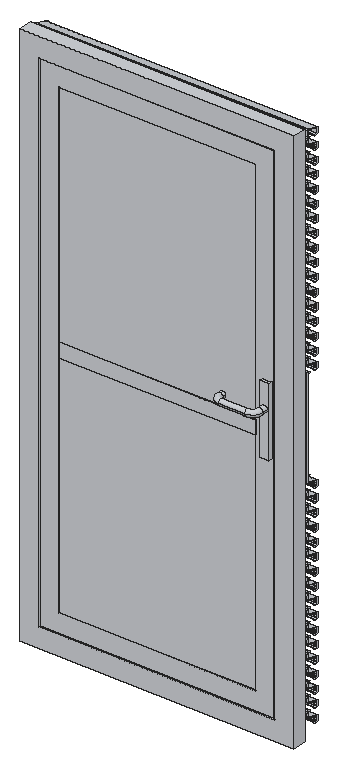
Revit family "NLRS_31_DO_WB_HJ44 enkele deur-AV_jazo_jazo", category Doors, host Wall, Revit 2020
Family settings
  Host = Wall
  OmniClass Number = 23.30.10.00
  OmniClass Title = Doors
  Always vertical = Yes
  Cut with Voids When Loaded = No
  Shared = No
  Room Calculation Point = No
Parameters (values of type "TYPE CATALOG")
  URL = "www.jazo.com"
  Thickness = if(JAZO_C_forster presto kozijn, 50 mm, if(JAZO_C_aluminium kozijn, 60 mm, 50 mm))  # 50 mm
  Rough Width = NLRS_C_breedte_01  # 1010 mm
  Rough Height = NLRS_C_hoogte_01  # 2010 mm
  Operation = ""
  Negge = 61 mm
  NLRS_C_zelfsluitend = no
  NLRS_C_weerstandsklasse = "Voor specificaties of mogelijkheden, neem contact op."  # constant formula
  NLRS_C_vluchtroute = "Voor specificaties of mogelijkheden, neem contact op."  # constant formula
  NLRS_C_stelruimte = if(NLRS_C_brandwerend, 10 mm, 5 mm)  # 5 mm
  NLRS_C_rookwerendheid = "Voor specificaties of mogelijkheden, neem contact op."  # constant formula
  NLRS_C_offset_02 = if(JAZO_C_calculatie_03 < 0 mm, JAZO_C_calculatie_03 - ((NLRS_C_aantal_02 - 13) * 48 mm), NLRS_C_offset_01)  # 37.4 mm
  NLRS_C_offset_01 = if(JAZO_C_calculatie_03 > 0 mm, JAZO_C_calculatie_03 - ((NLRS_C_aantal_01 - 2) * 48 mm), 0 mm)  # 0 mm
  NLRS_C_offset = Negge  # 61 mm
  NLRS_C_merk = "Voor specificaties of mogelijkheden, neem contact op."  # constant formula
  NLRS_C_leverancier_url = "www.jazo.com"  # constant formula
  NLRS_C_leverancier_telefoonnummer = "+31 316 - 59 29 11"  # constant formula
  NLRS_C_leverancier_postcode = "6905 DJ"  # constant formula
  NLRS_C_leverancier_plaats = "Zevenaar"  # constant formula
  NLRS_C_leverancier_email = "info@jazo.com"  # constant formula
  NLRS_C_leverancier_bedrijfsnaam = "JAZO Zevenaar bv"  # constant formula
  NLRS_C_leverancier_adres = "Handelsdwarsstraat 10"  # constant formula
  NLRS_C_lengte_02 = if(JAZO_C_calculatie_02 < (13 * 48 mm), JAZO_C_calculatie_02, (13 * 48 mm))  # 565.4 mm
  NLRS_C_lengte_01 = if(JAZO_C_calculatie_01 > (2 * 48 mm), JAZO_C_calculatie_01, (2 * 48 mm))  # 96 mm
  NLRS_C_inbraakwerend = no
  NLRS_C_hoogte_min = if(JAZO_C_forster presto kozijn, if(and(NLRS_C_brandwerend, NLRS_C_inbraakwerend), 2050 mm, if(NLRS_C_inbraakwerend, 2050 mm, if(NLRS_C_brandwerend, 2000 mm, 1850 mm))), if(JAZO_C_aluminium kozijn, 1850 mm, 1850 mm))  # 1850 mm
  NLRS_C_hoogte_max = if(JAZO_C_forster presto kozijn, if(NLRS_C_inbraakwerend, 2640 mm, 3000 mm), if(JAZO_C_aluminium kozijn, if(NLRS_C_inbraakwerend, 2645 mm, 3200 mm), 2000 mm))  # 3000 mm
  NLRS_C_hoogte_01 = NLRS_C_hoogte + (NLRS_C_stelruimte * 2)  # 2010 mm
  NLRS_C_hoogte = if(Height < NLRS_C_hoogte_min, NLRS_C_hoogte_min, if(Height > NLRS_C_hoogte_max, NLRS_C_hoogte_max, Height))  # 2000 mm
  NLRS_C_geluidwering Rw = "Voor specificaties of mogelijkheden, neem contact op."  # constant formula
  NLRS_C_diepte_02 = if(JAZO_C_forster presto kozijn, 50 mm, 30 mm)  # 50 mm
  NLRS_C_diepte_01 = if(JAZO_C_forster presto kozijn, 111 mm, 121 mm)  # 111 mm
  NLRS_C_diepte = Thickness  # 50 mm
  NLRS_C_content_versie = "2.5"  # constant formula
  NLRS_C_content_revit versie = "REVIT 2020.2"  # constant formula
  NLRS_C_content_provider = "JAZO Zevenaar bv"  # constant formula
  NLRS_C_content_datum uitgifte = "17-8-2022"  # constant formula
  NLRS_C_content_datum gewijzigd = "7-11-2022"  # constant formula
  NLRS_C_content_creator = "JAZO Zevenaar bv"  # constant formula
  NLRS_C_breedte_min = 850 mm  # constant formula
  NLRS_C_breedte_max = if(JAZO_C_forster presto kozijn, if(NLRS_C_inbraakwerend, 1440 mm, 1500 mm), if(JAZO_C_aluminium kozijn, if(NLRS_C_inbraakwerend, 1661 mm, 1400 mm), 1000 mm))  # 1500 mm
  NLRS_C_breedte_01 = NLRS_C_breedte + NLRS_C_stelruimte * 2  # 1010 mm
  NLRS_C_breedte = if(Width < NLRS_C_breedte_min, NLRS_C_breedte_min, if(Width > NLRS_C_breedte_max, NLRS_C_breedte_max, Width))  # 1000 mm
  NLRS_C_brandwerend = no
  NLRS_C_aantal_02 = if(NLRS_C_hoogte < 2064.4 mm, rounddown(JAZO_C_calculatie_02 / 48 mm), 13)  # 11
  NLRS_C_aantal_01 = if(NLRS_C_hoogte > 2064.4 mm, rounddown(JAZO_C_calculatie_01 / 48 mm), 2)  # 2
  Model = "HJ44 enkele deur"  # constant formula
  Manufacturer = "JAZO Zevenaar bv"  # constant formula
  MIN WIDTH = NLRS_C_breedte_min  # 850 mm
  MIN HEIGHT = NLRS_C_hoogte_min  # 1850 mm
  MAX WIDTH = NLRS_C_breedte_max  # 1500 mm
  MAX HEIGHT = NLRS_C_hoogte_max  # 3000 mm
  JAZO_C_ventilerend = no
  JAZO_C_paniekfunctie = no
  JAZO_C_opbouwrooster HJ44 = if(or(JAZO_C_aluminium kozijn, JAZO_C_forster presto kozijn), 1 < 2, 2 < 1)  # yes
  JAZO_C_niet ventilerend = yes
  JAZO_C_materiaal schoep = none
  JAZO_C_materiaal scharnier = none
  JAZO_C_materiaal forster presto sandwichpaneel = none
  JAZO_C_materiaal forster presto kozijn = none
  JAZO_C_materiaal forster presto deurprofiel = none
  JAZO_C_materiaal beslag = none
  JAZO_C_materiaal aluminium planken = none
  JAZO_C_materiaal aluminium kozijn = none
  JAZO_C_forster presto kozijn = yes
  JAZO_C_dagmaat hoogte = if(JAZO_C_forster presto kozijn, NLRS_C_hoogte - 70 mm - 70 mm, if(JAZO_C_aluminium kozijn, NLRS_C_hoogte - 52 mm - 52 mm, 0 mm))  # 1860 mm
  JAZO_C_dagmaat breedte = if(JAZO_C_forster presto kozijn, NLRS_C_breedte - 70 mm - 70 mm, if(JAZO_C_aluminium kozijn, NLRS_C_breedte - 52 mm - 52 mm, 0 mm))  # 860 mm
  JAZO_C_calculatie_03 = (NLRS_C_hoogte - JAZO_C_calculatie_01 - JAZO_C_calculatie_02 - 75.2 mm - 240 mm - 240 mm - 144 mm - 336 mm - 240 mm - 48 mm - 21.2 mm + 5.8 mm) * -1  # -58.6 mm
  JAZO_C_calculatie_02 = NLRS_C_hoogte - (2 mm * 48) - 75.2 mm - 240 mm - 240 mm - 144 mm - 336 mm - 240 mm - 48 mm - 21.2 mm + 5.8 mm  # 565.4 mm
  JAZO_C_calculatie_01 = NLRS_C_hoogte - (13 mm * 48) - 75.2 mm - 240 mm - 240 mm - 144 mm - 336 mm - 240 mm - 48 mm - 21.2 mm + 5.8 mm  # 37.4 mm
  JAZO_C_aluminium kozijn = no
  Function = Exterior
  Height = 2000 mm
  Wall Closure = By host
  Width = 1000 mm
  Description = "HJ44 enkele deur"  # constant formula
  Define Thermal Properties by = User Defined
  Construction Type = "Voor specificaties of mogelijkheden, neem contact op."  # constant formula
  Assembly Code = "23.30.10.00"
  Analytic Construction = "<None>"
Reference planes
  plane 1 "Center (Front/Back)": y = 0
  plane 2 "Center (Left/Right)": x = 0
  plane 3 "Left": x = -500
  plane 4 "Right": x = 500
  plane 5 "Top": z = 2005
  plane 6 "Exterior": y = 75
  plane 7 "Interior": y = -75
  plane 8 "stelruimte r": x = 505
  plane 9 "stelruimte l": x = -505
  plane 10 "stelruimte b": z = 2010
  plane 11 "stelruimte o": z = 5
  plane 12 "center kozijn": y = -11
  plane 13 "Center": z = 1005
  plane 14 "voorkant kozijn": y = 14
  plane 15 "achterkant kozijn": y = -36
  plane 16 "start_schoep": z = 1998.2
  plane 17 "sectie 2": z = 1683
  plane 18 "sectie 3": z = 1587
  plane 19 "sectie 4": z = 1347
  plane 20 "sectie 5": z = 1203
  plane 21 "sectie 6": z = 867
  plane 22 "sectie 7": z = 301.6
  plane 23 "sectie 8": z = 61.6
  plane 24 "sectie 9": z = 13.6
  plane 25 "offset sectie 3": z = 1587
  plane 26 "offset sectie 4": z = 1347
  plane 27 "offset sectie 5": z = 1203
  plane 28 "offset sectie 6": z = 867
  plane 29 "offset sectie 7": z = 339
  plane 30 "offset sectie 8": z = 99
  plane 31 "voorkant schoep": y = 75
  plane 32 "center kozijn + schoep": y = 19.5
  plane 33 "sectie 1": z = 1923
Lines and regions (mm)
  Opening 1
    outline origin (-3161.91, -75, 0) x (1, 0, 0) y (0, 0, 1)
      loop
        line (2656.91, 0) -> (3666.91, 0) -> (3666.91, 2010) -> (2656.91, 2010) -> (2656.91, 0)
  symbolic lines, style "Swing Elevation"
    curve 1: line (500, -75, 1005) -> (-500, -75, 2005)
    curve 2: line (500, -75, 1005) -> (-500, -75, 0)
Text (mm)
  text "Exterior" at (-2295.016, 1099.543, 0), in view "Ref. Level"
  text "Exterior" at (0, 1615.38, 3698.081), in view "Left"
  text "Exterior" at (0, 1036.032, 3874.932), in view "Right"
Dimensions and locks
  equal spacing: plane 9 "stelruimte l", plane 2 "Center (Left/Right)", plane 8 "stelruimte r"
  "NLRS_C_breedte": plane 3 "Left" to plane 4 "Right"
  "NLRS_C_hoogte": plane 5 "Top" to plane 11 "stelruimte o"
  "NLRS_C_hoogte_01": host wall to plane 10 "stelruimte b"
  locked: plane 6 "Exterior" to host wall
  locked: plane 7 "Interior" to host wall
  "NLRS_C_breedte_01": plane 9 "stelruimte l" to plane 8 "stelruimte r"
  equal spacing: plane 3 "Left", plane 2 "Center (Left/Right)", plane 4 "Right"
  equal spacing: plane 11 "stelruimte o", plane 13 "Center", plane 5 "Top"
  "NLRS_C_stelruimte": level to plane 11 "stelruimte o"
  locked: plane 16 "start_schoep" to plane 5 "Top" at 6.8
  locked: plane 17 "sectie 2" to plane 33 "sectie 1" at 240
  "NLRS_C_lengte_01": plane 18 "sectie 3" to plane 17 "sectie 2"
  locked: plane 19 "sectie 4" to plane 18 "sectie 3" at 240
  locked: plane 20 "sectie 5" to plane 19 "sectie 4" at 144
  locked: plane 21 "sectie 6" to plane 20 "sectie 5" at 336
  "NLRS_C_lengte_02": plane 22 "sectie 7" to plane 21 "sectie 6"
  locked: plane 23 "sectie 8" to plane 22 "sectie 7" at 240
  locked: plane 24 "sectie 9" to plane 23 "sectie 8" at 48
  "NLRS_C_offset_01": plane 18 "sectie 3" to plane 25 "offset sectie 3"
  "NLRS_C_offset_01": plane 19 "sectie 4" to plane 26 "offset sectie 4"
  "NLRS_C_offset_01": plane 20 "sectie 5" to plane 27 "offset sectie 5"
  "NLRS_C_offset_01": plane 21 "sectie 6" to plane 28 "offset sectie 6"
  "NLRS_C_offset_02": plane 22 "sectie 7" to plane 29 "offset sectie 7"
  "NLRS_C_offset_02": plane 23 "sectie 8" to plane 30 "offset sectie 8"
  equal spacing: plane 14 "voorkant kozijn", plane 12 "center kozijn", plane 15 "achterkant kozijn"
  "NLRS_C_diepte": plane 14 "voorkant kozijn" to plane 15 "achterkant kozijn"
  "NLRS_C_diepte_01": plane 31 "voorkant schoep" to plane 15 "achterkant kozijn"
  equal spacing: plane 31 "voorkant schoep", plane 32 "center kozijn + schoep", plane 15 "achterkant kozijn"
  "NLRS_C_offset": plane 14 "voorkant kozijn" to plane 6 "Exterior"
  locked: plane 33 "sectie 1" to plane 16 "start_schoep" at 75.2
  locked: plane 16 "start_schoep" to nested 10 at 1.857
  locked: plane 16 "start_schoep" to nested 11 at 27.2
  equal spacing: group 1, group 2, group 3, group 4, group 5  (x2)
  equal spacing: group 5, group 4, group 3, group 2, group 1
  locked: plane 33 "sectie 1" to nested 13 at 48
  group 6 to group 7 = 0 mm  (x2)
  group 7 to group 6 = 48 mm
  locked: plane 17 "sectie 2" to nested 18 at 48
  equal spacing: group 8, group 9, group 10, group 11, group 12  (x2)
  equal spacing: group 12, group 11, group 10, group 9, group 8
  locked: plane 25 "offset sectie 3" to nested 20 at 48
  equal spacing: group 13, group 14, group 15  (x2)
  equal spacing: group 15, group 14, group 13
  locked: nested 25 to plane 26 "offset sectie 4" at 48
  equal spacing: group 16, group 17, group 18, group 19, group 20, group 21, group 22  (x2)
  equal spacing: group 22, group 21, group 20, group 19, group 18, group 17, group 16
  locked: plane 27 "offset sectie 5" to nested 28 at 48
  equal spacing: group 23, group 24, group 25, group 26, group 27, group 28, group 29, group 30, group 31, group 32, group 38  (x2)
  equal spacing: group 38, group 32, group 31, group 30, group 29, group 28, group 27, group 26, group 25, group 24, group 23
  equal spacing: group 33, group 34, group 35, group 36, group 37  (x2)
  equal spacing: group 37, group 36, group 35, group 34, group 33
  locked: plane 29 "offset sectie 7" to nested 45 at 48
  locked: plane 28 "offset sectie 6" to nested 35 at 48
  locked: plane 28 "offset sectie 6" to nested 50 at 217.564
  locked: plane 30 "offset sectie 8" to nested 54 at 22.3
  locked: plane 26 "offset sectie 4" to nested 55 at 22.3
  locked: plane 17 "sectie 2" to nested 56 at 22.3
  locked: plane 30 "offset sectie 8" to nested 51 at 22.3
  locked: plane 26 "offset sectie 4" to nested 52 at 22.3
  locked: plane 17 "sectie 2" to nested 53 at 22.3
  aligned and locked: Opening 1 sketch curve to level
  aligned and locked: plane 1 "Center (Front/Back)" to host wall
  aligned and locked: Opening 1 sketch curve to plane 9 "stelruimte l"
  aligned and locked: plane 10 "stelruimte b" to Opening 1 sketch curve
  aligned and locked: Opening 1 sketch curve to plane 8 "stelruimte r"
  aligned and locked: plane 2 "Center (Left/Right)" to nested 1
  aligned and locked: nested 1 to plane 12 "center kozijn"
  aligned and locked: nested 1 to plane 5 "Top"
  aligned and locked: plane 2 "Center (Left/Right)" to nested 2
  aligned and locked: nested 2 to plane 12 "center kozijn"
  aligned and locked: nested 3 to plane 12 "center kozijn"
  aligned and locked: plane 2 "Center (Left/Right)" to nested 3
  aligned and locked: plane 2 "Center (Left/Right)" to nested 4
  aligned and locked: nested 4 to plane 12 "center kozijn"
  aligned and locked: nested 5 to plane 12 "center kozijn"
  aligned and locked: plane 2 "Center (Left/Right)" to nested 5
  aligned and locked: nested 3 to plane 5 "Top"
  aligned and locked: nested 5 to plane 5 "Top"
  aligned and locked: plane 2 "Center (Left/Right)" to nested 6
  aligned and locked: nested 6 to plane 32 "center kozijn + schoep"
  aligned and locked: plane 2 "Center (Left/Right)" to nested 7
  aligned and locked: nested 7 to plane 32 "center kozijn + schoep"
  aligned and locked: plane 13 "Center" to nested 4
  aligned and locked: plane 4 "Right" to nested 8
  aligned and locked: nested 8 to plane 31 "voorkant schoep"
  aligned and locked: nested 9 to plane 3 "Left"
  aligned and locked: nested 9 to plane 14 "voorkant kozijn"
  aligned and locked: plane 2 "Center (Left/Right)" to nested 10
  aligned and locked: plane 2 "Center (Left/Right)" to nested 11
  aligned and locked: plane 2 "Center (Left/Right)" to nested 12
  aligned and locked: plane 33 "sectie 1" to nested 12
  aligned and locked: plane 14 "voorkant kozijn" to nested 12
  aligned and locked: plane 14 "voorkant kozijn" to nested 13
  aligned and locked: plane 2 "Center (Left/Right)" to nested 17
  aligned and locked: nested 17 to plane 17 "sectie 2"
  aligned and locked: plane 14 "voorkant kozijn" to nested 14
  aligned and locked: plane 14 "voorkant kozijn" to nested 17
  aligned and locked: plane 14 "voorkant kozijn" to nested 18
  aligned and locked: plane 2 "Center (Left/Right)" to nested 19
  aligned and locked: nested 19 to plane 25 "offset sectie 3"
  aligned and locked: plane 14 "voorkant kozijn" to nested 19
  aligned and locked: plane 14 "voorkant kozijn" to nested 20
  aligned and locked: plane 2 "Center (Left/Right)" to nested 24
  aligned and locked: nested 24 to plane 26 "offset sectie 4"
  aligned and locked: plane 14 "voorkant kozijn" to nested 24
  aligned and locked: plane 14 "voorkant kozijn" to nested 25
  aligned and locked: plane 2 "Center (Left/Right)" to nested 27
  aligned and locked: nested 27 to plane 27 "offset sectie 5"
  aligned and locked: plane 14 "voorkant kozijn" to nested 27
  aligned and locked: plane 14 "voorkant kozijn" to nested 33
  aligned and locked: plane 2 "Center (Left/Right)" to nested 34
  aligned and locked: nested 34 to plane 28 "offset sectie 6"
  aligned and locked: plane 14 "voorkant kozijn" to nested 34
  aligned and locked: plane 14 "voorkant kozijn" to nested 35
  aligned and locked: plane 2 "Center (Left/Right)" to nested 44
  aligned and locked: nested 44 to plane 29 "offset sectie 7"
  aligned and locked: plane 14 "voorkant kozijn" to nested 44
  aligned and locked: plane 14 "voorkant kozijn" to nested 48
  aligned and locked: plane 2 "Center (Left/Right)" to nested 49
  aligned and locked: nested 49 to plane 30 "offset sectie 8"
  aligned and locked: plane 14 "voorkant kozijn" to nested 49
  aligned and locked: plane 14 "voorkant kozijn" to nested 11
  aligned and locked: plane 14 "voorkant kozijn" to nested 10
  aligned and locked: nested 50 to plane 4 "Right"
  aligned and locked: nested 50 to plane 14 "voorkant kozijn"
  aligned and locked: nested 54 to plane 3 "Left"
  aligned and locked: nested 55 to plane 3 "Left"
  aligned and locked: nested 56 to plane 3 "Left"
  aligned and locked: plane 14 "voorkant kozijn" to nested 56
  aligned and locked: plane 14 "voorkant kozijn" to nested 55
  aligned and locked: plane 14 "voorkant kozijn" to nested 54
  aligned and locked: nested 51 to plane 3 "Left"
  aligned and locked: nested 52 to plane 3 "Left"
  aligned and locked: nested 53 to plane 3 "Left"
  aligned and locked: nested 53 to plane 14 "voorkant kozijn"
  aligned and locked: nested 52 to plane 14 "voorkant kozijn"
  aligned and locked: nested 51 to plane 14 "voorkant kozijn"
  aligned and locked: nested 2 to plane 5 "Top"
  aligned and locked: nested 58 to plane 4 "Right"
  aligned and locked: nested 58 to plane 3 "Left"
  aligned and locked: plane 14 "voorkant kozijn" to nested 58
  aligned and locked: plane 2 "Center (Left/Right)" to nested 59
  aligned and locked: nested 59 to plane 32 "center kozijn + schoep"
Automatic sketch dimensions
  plane 4 "Right" to curve 2 = 0 mm
  curve 2 to level = 0 mm
  curve 2 to plane 13 "Center" = 0 mm
  plane 3 "Left" to curve 1 = 0 mm
  curve 1 to plane 5 "Top" = 0 mm
  plane 3 "Left" to curve 2 = 0 mm
Nested families
  nested 1: "NLRS_31_GM_UN_forster presto kozijn-AV" at (0, -11, 5), type "forster presto kozijn"
    with NLRS_C_breedte 1000 mm
  nested 2: "NLRS_31_GM_UN_aluminium kozijn-AV" at (0, -11, 5), type "aluminium kozijn"
  nested 3: "NLRS_31_GM_UN_forster presto deurprofiel-AV" at (0, -11, 5), type "forster presto deurprofiel"
  nested 4: "NLRS_31_GM_UN_forster presto sandwichpaneel opbouwroosters-AV" at (0, -11, 5), type "forster presto sandiwchpaneel opbouwroosters"
    with NLRS_C_zichtbaar_02 no, NLRS_C_breedte_01 720 mm, NLRS_C_breedte 1000 mm, NLRS_C_brandwerend no, JAZO_C_ventilerend no, JAZO_C_niet ventilerend yes
  nested 5: "NLRS_31_GM_UN_aluminium planken opbouwroosters-AV" at (0, 4.008, 5), type "aluminium planken"
    with NLRS_C_zichtbaar_01 no, NLRS_C_hoogte_04 759.5 mm, NLRS_C_hoogte_03 755.5 mm, NLRS_C_hoogte_02 1930 mm, NLRS_C_hoogte 2000 mm, NLRS_C_breedte_03 742 mm, NLRS_C_breedte_02 753 mm, NLRS_C_breedte_01 952 mm, NLRS_C_breedte 1000 mm, NLRS_C_aantal_02 38, NLRS_C_aantal_01 38, JAZO_C_aluminium kozijn no
  nested 6: "NLRS_31_DI_UN_markering" at (0, 19.5, 0), type "markering"
  nested 7: "NLRS_31_GA_UN_error message" at (0, 19.5, 0), type "error message"
    with NLRS_C_zichtbaar_10 no, NLRS_C_zichtbaar_05 no, NLRS_C_hoogte_max 3000 mm, NLRS_C_hoogte 2000 mm, NLRS_C_breedte_max 1500 mm, NLRS_C_brandwerend no, JAZO_C_aluminium kozijn no
  nested 8: "NLRS_31_DI_UN_beslagbak detail HS42R HJ44" at (401, 75, 0), type "beslagbak detail HS42R HJ44"
    with JAZO_C_opbouwrooster HS42R yes, JAZO_C_forster presto kozijn yes
  nested 9: "NLRS_31_DI_UN_scharnier detail HS42R HJ44" at (-500, 14, 0), type "scharnier detail HS42R HJ44"
    with JAZO_C_forster presto kozijn yes, JAZO_C_aluminium kozijn no
  nested 10: "NLRS_31_GM_UN_HJ44 start schoep-AV" at (0, 50, 1961.671), NLRS_C_breedte <- "NLRS_C_breedte", type "HJ44  start schoep"
    with NLRS_C_breedte 1000 mm
  nested 11: "NLRS_31_GM_UN_HJ44 schoep-AV" at (0, 50, 1914.365), NLRS_C_breedte <- "NLRS_C_breedte", type "HJ44"
    with NLRS_C_breedte 1000 mm
  nested 12: "NLRS_31_GM_UN_HJ44 scharnier schoep-AV" at (0, 50, 1866.365), NLRS_C_breedte <- "NLRS_C_breedte", type "HJ44 scharnier schoep"
    with NLRS_C_breedte 1000 mm
  nested 13: "NLRS_31_GM_UN_HJ44 scharnier schoep-AV" at (0, 50, 1818.365), NLRS_C_breedte <- "NLRS_C_breedte", type "HJ44 scharnier schoep"
    with NLRS_C_breedte 1000 mm
  nested 14: "NLRS_31_GM_UN_HJ44 scharnier schoep-AV" at (0, 50, 1770.365), NLRS_C_breedte <- "NLRS_C_breedte", type "HJ44 scharnier schoep"
    with NLRS_C_breedte 1000 mm
  nested 15: "NLRS_31_GM_UN_HJ44 scharnier schoep-AV" at (0, 50, 1722.365), NLRS_C_breedte <- "NLRS_C_breedte", type "HJ44 scharnier schoep"
    with NLRS_C_breedte 1000 mm
  nested 16: "NLRS_31_GM_UN_HJ44 scharnier schoep-AV" at (0, 50, 1674.365), NLRS_C_breedte <- "NLRS_C_breedte", type "HJ44 scharnier schoep"
    with NLRS_C_breedte 1000 mm
  nested 17: "NLRS_31_GM_UN_HJ44 schoep-AV" at (0, 50, 1626.365), NLRS_C_breedte <- "NLRS_C_breedte", type "HJ44"
    with NLRS_C_breedte 1000 mm
  nested 18: "NLRS_31_GM_UN_HJ44 schoep-AV" at (0, 50, 1578.365), NLRS_C_breedte <- "NLRS_C_breedte", type "HJ44"
    with NLRS_C_breedte 1000 mm
  nested 19: "NLRS_31_GM_UN_HJ44 scharnier schoep-AV" at (0, 50, 1530.365), NLRS_C_breedte <- "NLRS_C_breedte", type "HJ44 scharnier schoep"
    with NLRS_C_breedte 1000 mm
  nested 20: "NLRS_31_GM_UN_HJ44 scharnier schoep-AV" at (0, 50, 1482.365), NLRS_C_breedte <- "NLRS_C_breedte", type "HJ44 scharnier schoep"
    with NLRS_C_breedte 1000 mm
  nested 21: "NLRS_31_GM_UN_HJ44 scharnier schoep-AV" at (0, 50, 1434.365), NLRS_C_breedte <- "NLRS_C_breedte", type "HJ44 scharnier schoep"
    with NLRS_C_breedte 1000 mm
  nested 22: "NLRS_31_GM_UN_HJ44 scharnier schoep-AV" at (0, 50, 1386.365), NLRS_C_breedte <- "NLRS_C_breedte", type "HJ44 scharnier schoep"
    with NLRS_C_breedte 1000 mm
  nested 23: "NLRS_31_GM_UN_HJ44 scharnier schoep-AV" at (0, 50, 1338.365), NLRS_C_breedte <- "NLRS_C_breedte", type "HJ44 scharnier schoep"
    with NLRS_C_breedte 1000 mm
  nested 24: "NLRS_31_GM_UN_HJ44 schoep-AV" at (0, 50, 1290.365), NLRS_C_breedte <- "NLRS_C_breedte", type "HJ44"
    with NLRS_C_breedte 1000 mm
  nested 25: "NLRS_31_GM_UN_HJ44 schoep-AV" at (0, 50, 1242.365), NLRS_C_breedte <- "NLRS_C_breedte", type "HJ44"
    with NLRS_C_breedte 1000 mm
  nested 26: "NLRS_31_GM_UN_HJ44 schoep-AV" at (0, 50, 1194.365), NLRS_C_breedte <- "NLRS_C_breedte", type "HJ44"
    with NLRS_C_breedte 1000 mm
  nested 27: "NLRS_31_GM_UN_HJ44 beslag schoep-AV" at (0, 50, 1146.365), NLRS_C_breedte <- "NLRS_C_breedte", type "HJ44 beslag schoep"
    with NLRS_C_breedte 1000 mm
  nested 28: "NLRS_31_GM_UN_HJ44 beslag schoep-AV" at (0, 50, 1098.365), NLRS_C_breedte <- "NLRS_C_breedte", type "HJ44 beslag schoep"
    with NLRS_C_breedte 1000 mm
  nested 29: "NLRS_31_GM_UN_HJ44 beslag schoep-AV" at (0, 50, 1050.365), NLRS_C_breedte <- "NLRS_C_breedte", type "HJ44 beslag schoep"
    with NLRS_C_breedte 1000 mm
  nested 30: "NLRS_31_GM_UN_HJ44 beslag schoep-AV" at (0, 50, 1002.365), NLRS_C_breedte <- "NLRS_C_breedte", type "HJ44 beslag schoep"
    with NLRS_C_breedte 1000 mm
  nested 31: "NLRS_31_GM_UN_HJ44 beslag schoep-AV" at (0, 50, 954.365), NLRS_C_breedte <- "NLRS_C_breedte", type "HJ44 beslag schoep"
    with NLRS_C_breedte 1000 mm
  nested 32: "NLRS_31_GM_UN_HJ44 beslag schoep-AV" at (0, 50, 906.365), NLRS_C_breedte <- "NLRS_C_breedte", type "HJ44 beslag schoep"
    with NLRS_C_breedte 1000 mm
  nested 33: "NLRS_31_GM_UN_HJ44 beslag schoep-AV" at (0, 50, 858.365), NLRS_C_breedte <- "NLRS_C_breedte", type "HJ44 beslag schoep"
    with NLRS_C_breedte 1000 mm
  nested 34: "NLRS_31_GM_UN_HJ44 schoep-AV" at (0, 50, 810.365), NLRS_C_breedte <- "NLRS_C_breedte", type "HJ44"
    with NLRS_C_breedte 1000 mm
  nested 35: "NLRS_31_GM_UN_HJ44 schoep-AV" at (0, 50, 762.365), NLRS_C_breedte <- "NLRS_C_breedte", type "HJ44"
    with NLRS_C_breedte 1000 mm
  nested 36: "NLRS_31_GM_UN_HJ44 schoep-AV" at (0, 50, 714.365), NLRS_C_breedte <- "NLRS_C_breedte", type "HJ44"
    with NLRS_C_breedte 1000 mm
  nested 37: "NLRS_31_GM_UN_HJ44 schoep-AV" at (0, 50, 666.365), NLRS_C_breedte <- "NLRS_C_breedte", type "HJ44"
    with NLRS_C_breedte 1000 mm
  nested 38: "NLRS_31_GM_UN_HJ44 schoep-AV" at (0, 50, 618.365), NLRS_C_breedte <- "NLRS_C_breedte", type "HJ44"
    with NLRS_C_breedte 1000 mm
  nested 39: "NLRS_31_GM_UN_HJ44 schoep-AV" at (0, 50, 570.365), NLRS_C_breedte <- "NLRS_C_breedte", type "HJ44"
    with NLRS_C_breedte 1000 mm
  nested 40: "NLRS_31_GM_UN_HJ44 schoep-AV" at (0, 50, 522.365), NLRS_C_breedte <- "NLRS_C_breedte", type "HJ44"
    with NLRS_C_breedte 1000 mm
  nested 41: "NLRS_31_GM_UN_HJ44 schoep-AV" at (0, 50, 474.365), NLRS_C_breedte <- "NLRS_C_breedte", type "HJ44"
    with NLRS_C_breedte 1000 mm
  nested 42: "NLRS_31_GM_UN_HJ44 schoep-AV" at (0, 50, 426.365), NLRS_C_breedte <- "NLRS_C_breedte", type "HJ44"
    with NLRS_C_breedte 1000 mm
  nested 43: "NLRS_31_GM_UN_HJ44 schoep-AV" at (0, 50, 378.365), NLRS_C_breedte <- "NLRS_C_breedte", type "HJ44"
    with NLRS_C_breedte 1000 mm
  nested 44: "NLRS_31_GM_UN_HJ44 scharnier schoep-AV" at (0, 50, 282.365), NLRS_C_breedte <- "NLRS_C_breedte", type "HJ44 scharnier schoep"
    with NLRS_C_breedte 1000 mm
  nested 45: "NLRS_31_GM_UN_HJ44 scharnier schoep-AV" at (0, 50, 234.365), NLRS_C_breedte <- "NLRS_C_breedte", type "HJ44 scharnier schoep"
    with NLRS_C_breedte 1000 mm
  nested 46: "NLRS_31_GM_UN_HJ44 scharnier schoep-AV" at (0, 50, 186.365), NLRS_C_breedte <- "NLRS_C_breedte", type "HJ44 scharnier schoep"
    with NLRS_C_breedte 1000 mm
  nested 47: "NLRS_31_GM_UN_HJ44 scharnier schoep-AV" at (0, 50, 138.365), NLRS_C_breedte <- "NLRS_C_breedte", type "HJ44 scharnier schoep"
    with NLRS_C_breedte 1000 mm
  nested 48: "NLRS_31_GM_UN_HJ44 scharnier schoep-AV" at (0, 50, 90.365), NLRS_C_breedte <- "NLRS_C_breedte", type "HJ44 scharnier schoep"
    with NLRS_C_breedte 1000 mm
  nested 49: "NLRS_31_GM_UN_HJ44 schoep-AV" at (0, 50, 42.365), NLRS_C_breedte <- "NLRS_C_breedte", type "HJ44"
    with NLRS_C_breedte 1000 mm
  nested 50: "NLRS_31_GM_UN_beslagbak HJ44-AV" at (401, 25, 804.564), type "beslagbak HJ44"
  nested 51: "NLRS_31_GM_UN_scharnier aluminium HS42R HJ44-AV" at (-480, 75.5, 121.3), type "scharnier aluminium HS42R HJ44"
  nested 52: "NLRS_31_GM_UN_scharnier aluminium HS42R HJ44-AV" at (-480, 75.5, 1369.3), type "scharnier aluminium HS42R HJ44"
  nested 53: "NLRS_31_GM_UN_scharnier aluminium HS42R HJ44-AV" at (-480, 75.5, 1705.3), type "scharnier aluminium HS42R HJ44"
  nested 54: "NLRS_31_GM_UN_scharnier staal HS42R HJ44-AV" at (-480, 68, 121.3), type "scharnier staal HS42R HJ44"
  nested 55: "NLRS_31_GM_UN_scharnier staal HS42R HJ44-AV" at (-480, 68, 1369.3), type "scharnier staal HS42R HJ44"
  nested 56: "NLRS_31_GM_UN_scharnier staal HS42R HJ44-AV" at (-480, 68, 1705.3), type "scharnier staal HS42R HJ44"
  nested 57: "NLRS_31_GM_UN_HJ44 schoep-AV" at (0, 50, 330.365), NLRS_C_breedte <- "NLRS_C_breedte", type "HJ44"
    with NLRS_C_breedte 1000 mm
  nested 58: "NLRS_31_GM_UN_door swing" at (-500, 14, 0) x (-1, 0, 0) z (0, 0, 1), NLRS_C_breedte <- "NLRS_C_breedte", type "door swing"
    with NLRS_C_hoek 90.00°, NLRS_C_breedte 1000 mm
  nested 59: "NLRS_31_GA_UN_error message paniekfunctie" at (0, 19.5, 0), type "error message"
    with NLRS_C_zichtbaar_01 no, NLRS_C_inbraakwerend no, JAZO_C_ventilerend no, JAZO_C_paniekfunctie no
Definition of nested family "NLRS_31_GM_UN_forster presto kozijn-AV"
  Parameters (values of type "forster presto kozijn")
    URL = "www.jazo.com"
    NLRS_C_zichtbaar_01 = yes
    NLRS_C_materiaal = none
    NLRS_C_hoogte = 2000 mm
    NLRS_C_diepte = 50 mm  # constant formula
    NLRS_C_breedte = 2500 mm
    Model = "Forster Presto kozijn"
    Manufacturer = "JAZO Zevenaar bv"
    Description = "Forster Presto kozijn"
    Default Elevation = 0 mm
    Assembly Code = "23.30.10.11.11"
  Reference planes
    plane 1 "Center (Front/Back)": y = 0
    plane 2 "Bottom": z = 0
    plane 3 "Center (Left/Right)": x = 0
    plane 4 "Left": x = -1250
    plane 5 "Right": x = 1250
    plane 6 "Top": z = 2000
    plane 7 "voorkant kozijn": y = 25
    plane 8 "achterkant kozijn": y = -25
  Forms (mm)
    Sweep 1, solid, material <- "NLRS_C_materiaal", visible <- "NLRS_C_zichtbaar_01"
      path origin (0, 0, 0) x (1, 0, 0) y (0, 0, 1)
        loop
          line (-1250, 2000) -> (-1250, 0) -> (1250, 0) -> (1250, 2000) -> (-1250, 2000)
      profile origin (0, 0, 2000) x (0, 0, 1) y (0, -1, 0)
        loop
          line (0, -25) -> (0, 25) -> (-50, 25) -> (-70, 25) -> (-70, 22.003) -> (-50, 22.003) -> (-50, -19) -> (-36, -19) -> (-36, -25) -> (0, -25)
  Lines and regions (mm)
    symbolic lines, visible <- "NLRS_C_zichtbaar_01"
      curve 1: line (-1181.52, -25, 0) -> (1181.52, -25, 0)
      curve 2: line (-1216.25, 25, 0) -> (1216.25, 25, 0)
    symbolic lines
      curve 3: line (0, -25, 1931.52) -> (0, -25, 68.48)
      curve 4: line (0, 25, 33.75) -> (0, 25, 1966.25)
  Dimensions and locks
    "NLRS_C_hoogte": plane 6 "Top" to plane 2 "Bottom"
    "NLRS_C_diepte": plane 7 "voorkant kozijn" to plane 8 "achterkant kozijn"
    "NLRS_C_breedte": plane 4 "Left" to plane 5 "Right"
    equal spacing: plane 4 "Left", plane 3 "Center (Left/Right)", plane 5 "Right"
    aligned and locked: level to plane 2 "Bottom"
    aligned and locked: Sweep 1 to plane 8 "achterkant kozijn"
    aligned and locked: Sweep 1 to plane 7 "voorkant kozijn"
    aligned and locked: nested 1 to plane 8 "achterkant kozijn"
    aligned and locked: nested 2 to plane 8 "achterkant kozijn"
    aligned and locked: Sweep 1 sketch curve to plane 6 "Top"
    aligned and locked: Sweep 1 sketch curve to plane 4 "Left"
    aligned and locked: plane 5 "Right" to Sweep 1 sketch curve
    aligned and locked: plane 2 "Bottom" to Sweep 1 sketch curve
    aligned and locked: nested 1 to plane 4 "Left"
    aligned and locked: nested 2 to plane 5 "Right"
    aligned and locked: nested 4 to plane 6 "Top"
    aligned and locked: nested 3 to plane 2 "Bottom"
    aligned and locked: curve 1 to plane 8 "achterkant kozijn"
    aligned and locked: curve 2 to plane 7 "voorkant kozijn"
    aligned and locked: plane 8 "achterkant kozijn" to curve 3
    aligned and locked: curve 4 to plane 7 "voorkant kozijn"
  Automatic sketch dimensions
    profile plane to Sweep 1 sketch curve = 0 mm
    profile plane to Sweep 1 sketch curve = 36 mm
    Sweep 1 sketch curve to Sweep 1 sketch curve = 14 mm
    Sweep 1 sketch curve to Sweep 1 sketch curve = 0 mm
    Sweep 1 sketch curve to Sweep 1 sketch curve = 20 mm
    Sweep 1 sketch curve to plane 1 "Center (Front/Back)" = 25 mm
    Sweep 1 sketch curve to Sweep 1 sketch curve = 6 mm
    plane 1 "Center (Front/Back)" to Sweep 1 sketch curve = 22.003 mm
    Sweep 1 sketch curve to Sweep 1 sketch curve = 2.997 mm
    curve 2 to plane 4 "Left" = 33.75 mm
    curve 2 to curve 1 = 34.73 mm
    plane 5 "Right" to curve 1 = 68.48 mm
    plane 5 "Right" to curve 2 = 33.75 mm
    level to curve 4 = 33.75 mm
    curve 4 to curve 3 = 34.73 mm
    curve 3 to plane 6 "Top" = 68.48 mm
    curve 4 to plane 6 "Top" = 33.75 mm
  Nested families
    nested 1: "NLRS_31_DI_UN_forster presto kozijn detail" at (-1250, -25, 0) x (0, 1, 0) z (0, 0, 1), visible <- "NLRS_C_zichtbaar_01", type "forster presto kozijn detail"
    nested 2: "NLRS_31_DI_UN_forster presto kozijn detail" at (1250, -25, 0) x (0, 1, 0) z (0, 0, 1), visible <- "NLRS_C_zichtbaar_01", type "forster presto kozijn detail"
    nested 3: "NLRS_31_DI_UN_forster presto kozijn detail" at (0, -25, 0) x (0, 1, 0) z (1, 0, 0), visible <- "NLRS_C_zichtbaar_01", type "forster presto kozijn detail"
    nested 4: "NLRS_31_DI_UN_forster presto kozijn detail" at (0, -25, 2000) x (0, 1, 0) z (1, 0, 0), visible <- "NLRS_C_zichtbaar_01", type "forster presto kozijn detail"
  Definition of nested family "NLRS_31_DI_UN_forster presto kozijn detail"
    Parameters (values of type "forster presto kozijn detail")
      URL = "www.jazo.com"
      Manufacturer = "Jazo Zevenaar BV"
      Description = "Forster presto kozijn detail"
    Reference planes
      plane 1 "Center (Front/Back)": y = 0
      plane 2: z = 0
      plane 3 "Center (Left/Right)": x = 0
    Lines and regions (mm)
      detail lines, in view "Ref. Level"
        curve 1: line (0, 2.25, 0) -> (0, 68.48, 0)
        curve 2: arc (0, 68.48, 0) -> (1.52, 70, 0) -> (3.04, 68.48, 0) r 1.52
        curve 3: line (3.04, 68.48, 0) -> (3.04, 50.75, 0)
        curve 4: arc (3.04, 50.75, 0) -> (3.26, 50.22, 0) -> (3.79, 50, 0) r 0.75
        curve 5: line (3.79, 50, 0) -> (42.48, 50, 0)
        curve 6: arc (42.48, 50, 0) -> (43.99, 48.306, 0) -> (42.134, 47, 0) r 1.52
        curve 7: line (42.134, 47, 0) -> (37, 47, 0)
        curve 8: arc (37, 46.96, 0) -> (35.51, 45.633, 0) -> (36.656, 44, 0) r 1.5
        curve 9: line (36.656, 44, 0) -> (42.79, 44, 0)
        curve 10: arc (42.79, 44, 0) -> (44.108, 43.561, 0) -> (44.901, 42.421, 0) r 2.2
        curve 11: line (45, 42.467, 0) -> (45, 36.75, 0)
        curve 12: arc (45, 36.75, 0) -> (45.22, 36.22, 0) -> (45.75, 36, 0) r 0.75
        curve 13: line (45.75, 36, 0) -> (47.75, 36, 0)
        curve 14: arc (47.75, 36, 0) -> (49.341, 35.341, 0) -> (50, 33.75, 0) r 2.25
        curve 15: line (50, 33.75, 0) -> (50, 2.25, 0)
        curve 16: arc (50, 2.25, 0) -> (49.341, 0.659, 0) -> (47.75, 0, 0) r 2.25
        curve 17: line (47.75, 0, 0) -> (2.25, 0, 0)
        curve 18: arc (2.25, 0, 0) -> (0.659, 0.659, 0) -> (0, 2.25, 0) r 2.25
        curve 19: arc (37, 48.46, 0) -> (34, 45.46, 0) -> (37, 42.46, 0) r 3
        curve 20: line (37, 42.46, 0) -> (42.75, 42.46, 0)
        curve 21: arc (42.75, 42.46, 0) -> (43.28, 42.24, 0) -> (43.5, 41.71, 0) r 0.75
        curve 22: line (43.5, 41.71, 0) -> (43.5, 36.75, 0)
        curve 23: arc (43.5, 36.75, 0) -> (44.159, 35.159, 0) -> (45.75, 34.5, 0) r 2.25
        curve 24: line (45.75, 34.5, 0) -> (47.75, 34.5, 0)
        curve 25: arc (47.75, 34.5, 0) -> (48.28, 34.28, 0) -> (48.5, 33.75, 0) r 0.75
        curve 26: line (48.5, 33.75, 0) -> (48.5, 2.25, 0)
        curve 27: arc (48.5, 2.25, 0) -> (48.28, 1.72, 0) -> (47.75, 1.5, 0) r 0.75
        curve 28: line (47.75, 1.5, 0) -> (2.25, 1.5, 0)
        curve 29: arc (2.25, 1.5, 0) -> (1.72, 1.72, 0) -> (1.5, 2.25, 0) r 0.75
        curve 30: line (1.5, 2.25, 0) -> (1.5, 68.48, 0)
        curve 31: arc (1.54, 50.75, 0) -> (2.199, 49.159, 0) -> (3.79, 48.5, 0) r 2.25
        curve 32: line (3.79, 48.5, 0) -> (42.48, 48.5, 0)
Definition of nested family "NLRS_31_GM_UN_forster presto deurprofiel-AV"
  Parameters (values of type "forster presto deurprofiel")
    URL = "www.jazo.com"
    NLRS_C_zichtbaar_01 = yes
    NLRS_C_materiaal = none
    NLRS_C_hoogte = 2000 mm
    NLRS_C_diepte = 50 mm  # constant formula
    NLRS_C_breedte = 1000 mm
    Model = "Forster Presto deurprofiel"
    Manufacturer = "JAZO Zevenaar bv"
    Description = "Forster presto deurprofiel"
    Default Elevation = 0 mm
    Assembly Code = "23.30.10.11.11"
  Reference planes
    plane 1 "Center (Front/Back)": y = 0
    plane 2 "Bottom": z = 0
    plane 3 "Center (Left/Right)": x = 0
    plane 4 "Left": x = -500
    plane 5 "Right": x = 500
    plane 6 "Top": z = 2000
    plane 7 "voorkant kozijn": y = 25
    plane 8 "achterkant kozijn": y = -25
    plane 9 "Center (Elevation)": z = 1000
  Forms (mm)
    Sweep 1, solid, material <- "NLRS_C_materiaal", visible <- "NLRS_C_zichtbaar_01"
      path origin (0, 0, 0) x (1, 0, 0) y (0, 0, 1)
        loop
          line (-500, 2000) -> (-500, 0) -> (500, 0) -> (500, 2000) -> (-500, 2000)
      profile origin (0, 0, 2000) x (0, 0, 1) y (0, -1, 0)
        loop
          line (-40, -22) -> (-60, -22) -> (-60, 19) -> (-74, 19) -> (-74, 25) -> (-140, 25) -> (-140, -22) -> (-160, -22) -> (-160, -25) -> (-40, -25) -> (-40, -22)
  Lines and regions (mm)
    symbolic lines, visible <- "NLRS_C_zichtbaar_01"
      curve 1: line (-362.25, -25, 0) -> (362.25, -25, 0)
      curve 2: line (-341.52, 25, 0) -> (341.52, 25, 0)
      curve 3: line (0, 25, 1841.52) -> (0, 25, 158.48)
      curve 4: line (0, -25, 123.75) -> (0, -25, 1862.25)
  Dimensions and locks
    equal spacing: plane 4 "Left", plane 3 "Center (Left/Right)", plane 5 "Right"
    "NLRS_C_breedte": plane 4 "Left" to plane 5 "Right"
    "NLRS_C_hoogte": plane 6 "Top" to plane 2 "Bottom"
    locked: plane 4 "Left" to nested 1 at 60
    locked: nested 2 to plane 5 "Right" at 60
    locked: nested 3 to plane 6 "Top" at 60
    equal spacing: plane 6 "Top", plane 9 "Center (Elevation)", plane 2 "Bottom"
    locked: Sweep 1 to plane 2 "Bottom" at 60
    aligned and locked: level to plane 2 "Bottom"
    aligned and locked: Sweep 1 to plane 7 "voorkant kozijn"  (x2)
    aligned and locked: plane 8 "achterkant kozijn" to nested 3
    aligned and locked: Sweep 1 sketch curve to plane 6 "Top"
    aligned and locked: Sweep 1 sketch curve to plane 4 "Left"
    aligned and locked: plane 5 "Right" to Sweep 1 sketch curve
    aligned and locked: plane 2 "Bottom" to Sweep 1 sketch curve
    aligned and locked: curve 1 to plane 8 "achterkant kozijn"
    aligned and locked: plane 7 "voorkant kozijn" to curve 2
    aligned and locked: curve 3 to plane 7 "voorkant kozijn"
    aligned and locked: curve 4 to plane 8 "achterkant kozijn"
  Automatic sketch dimensions
    profile plane to Sweep 1 sketch curve = 160 mm
    Sweep 1 sketch curve to Sweep 1 sketch curve = 20 mm  (x2)
    Sweep 1 sketch curve to Sweep 1 sketch curve = 66 mm
    Sweep 1 sketch curve to Sweep 1 sketch curve = 14 mm
    Sweep 1 sketch curve to plane 1 "Center (Front/Back)" = 25 mm
    Sweep 1 sketch curve to Sweep 1 sketch curve = 3 mm  (x2)
    Sweep 1 sketch curve to Sweep 1 sketch curve = 41 mm
    Sweep 1 sketch curve to Sweep 1 sketch curve = 6 mm
    curve 1 to plane 4 "Left" = 137.75 mm
    curve 1 to curve 2 = 20.73 mm
    plane 5 "Right" to curve 2 = 158.48 mm
    curve 2 to curve 1 = 20.73 mm
    level to curve 4 = 123.75 mm
    curve 4 to curve 3 = 34.73 mm
    curve 3 to plane 6 "Top" = 158.48 mm
    curve 3 to curve 4 = 20.73 mm
  Nested families
    nested 1: "NLRS_31_DI_UN_forster presto deurprofiel detail" at (-460, 25, 0) x (0, -1, 0) z (0, 0, 1), visible <- "NLRS_C_zichtbaar_01", type "forster presto deurprofiel detail"
    nested 2: "NLRS_31_DI_UN_forster presto deurprofiel detail" at (460, 25, 0) x (0, -1, 0) z (0, 0, 1), visible <- "NLRS_C_zichtbaar_01", type "forster presto deurprofiel detail"
    nested 3: "NLRS_31_DI_UN_forster presto deurprofiel detail" at (0, 25, 1960) x (0, -1, 0) z (1, 0, 0), visible <- "NLRS_C_zichtbaar_01", type "forster presto deurprofiel detail"
    nested 4: "NLRS_31_DI_UN_forster presto deurprofiel detail" at (0, 25, 40) x (0, -1, 0) z (1, 0, 0), visible <- "NLRS_C_zichtbaar_01", type "forster presto deurprofiel detail"
  Definition of nested family "NLRS_31_DI_UN_forster presto deurprofiel detail"
    Parameters (values of type "forster presto deurprofiel detail")
      URL = "www.jazo.com"
      Manufacturer = "Jazo Zevenaar BV"
      Description = "Forster presto deurprofiel detail"
      Assembly Code = "23.30.10.11.11"
    Reference planes
      plane 1 "Center (Front/Back)": y = 0
      plane 2: z = 0
      plane 3 "Center (Left/Right)": x = 0
    Lines and regions (mm)
      detail lines, in view "Ref. Level"
        curve 1: line (50, 36.25, 0) -> (50, 97.75, 0)
        curve 2: arc (50, 97.75, 0) -> (49.341, 99.341, 0) -> (47.75, 100, 0) r 2.25
        curve 3: line (47.75, 100, 0) -> (3.79, 100, 0)
        curve 4: arc (3.79, 100, 0) -> (3.26, 100.22, 0) -> (3.04, 100.75, 0) r 0.75
        curve 5: line (3.04, 100.75, 0) -> (3.04, 118.48, 0)
        curve 6: arc (3.04, 118.48, 0) -> (1.52, 120, 0) -> (0, 118.48, 0) r 1.52
        curve 7: line (0, 118.48, 0) -> (0, 1.52, 0)
        curve 8: arc (0, 1.52, 0) -> (1.52, 0, 0) -> (3.04, 1.52, 0) r 1.52
        curve 9: line (3.04, 1.52, 0) -> (3.04, 19.25, 0)
        curve 10: arc (3.04, 19.25, 0) -> (3.26, 19.78, 0) -> (3.79, 20, 0) r 0.75
        curve 11: line (3.79, 20, 0) -> (42.48, 20, 0)
        curve 12: arc (42.48, 20, 0) -> (44, 21.52, 0) -> (42.48, 23.04, 0) r 1.52
        curve 13: line (42.48, 23.04, 0) -> (37, 23.04, 0)
        curve 14: arc (37, 23.04, 0) -> (35.5, 24.54, 0) -> (37, 26.04, 0) r 1.5
        curve 15: line (37, 26.04, 0) -> (42.79, 26.04, 0)
        curve 16: arc (42.79, 26.04, 0) -> (44.365, 26.703, 0) -> (45, 28.29, 0) r 2.215
        curve 17: line (45, 28.29, 0) -> (45, 33.25, 0)
        curve 18: arc (45, 33.25, 0) -> (45.22, 33.78, 0) -> (45.75, 34, 0) r 0.75
        curve 19: line (45.75, 34, 0) -> (47.75, 34, 0)
        curve 20: arc (47.75, 34, 0) -> (49.341, 34.659, 0) -> (50, 36.25, 0) r 2.25
        curve 21: arc (1.54, 19.25, 0) -> (2.199, 20.841, 0) -> (3.79, 21.5, 0) r 2.25
        curve 22: line (3.79, 21.5, 0) -> (37, 21.5, 0)
        curve 23: arc (37, 21.54, 0) -> (34, 24.54, 0) -> (37, 27.54, 0) r 3
        curve 24: line (37, 27.54, 0) -> (42.75, 27.54, 0)
        curve 25: arc (42.75, 27.54, 0) -> (43.28, 27.76, 0) -> (43.5, 28.29, 0) r 0.75
        curve 26: line (43.5, 28.29, 0) -> (43.5, 33.25, 0)
        curve 27: arc (43.5, 33.25, 0) -> (44.159, 34.841, 0) -> (45.75, 35.5, 0) r 2.25
        curve 28: line (45.75, 35.5, 0) -> (47.75, 35.5, 0)
        curve 29: arc (47.75, 35.5, 0) -> (48.28, 35.72, 0) -> (48.5, 36.25, 0) r 0.75
        curve 30: line (48.5, 36.25, 0) -> (48.5, 97.75, 0)
        curve 31: arc (48.5, 97.75, 0) -> (48.28, 98.28, 0) -> (47.75, 98.5, 0) r 0.75
        curve 32: line (47.75, 98.5, 0) -> (3.79, 98.5, 0)
        curve 33: arc (3.79, 98.5, 0) -> (2.199, 99.159, 0) -> (1.54, 100.75, 0) r 2.25
        curve 34: line (37, 21.5, 0) -> (42.48, 21.52, 0)
        curve 35: line (37, 21.54, 0) -> (42.48, 21.52, 0)
        curve 36: line (1.52, 1.52, 0) -> (1.52, 118.48, 0)
Definition of nested family "NLRS_31_GM_UN_forster presto sandwichpaneel opbouwroosters-AV"
  Parameters (values of type "forster presto sandiwchpaneel opbouwroosters")
    URL = "www.jazo.com"
    NLRS_C_zichtbaar_02 = if(JAZO_C_forster presto kozijn, if(and(NLRS_C_inbraakwerend, JAZO_C_ventilerend), 1 < 2, if(and(NLRS_C_brandwerend, JAZO_C_ventilerend), 1 < 2, 2 < 1)), 2 < 1)  # yes
    NLRS_C_zichtbaar_01 = if(JAZO_C_forster presto kozijn, if(or(JAZO_C_niet ventilerend, NLRS_C_zichtbaar_02), 1 < 2, 2 < 1), 2 < 1)  # yes
    NLRS_C_offset_01 = 10 mm
    NLRS_C_materiaal = none
    NLRS_C_inbraakwerend = no
    NLRS_C_hoogte_01 = (NLRS_C_hoogte / 2) - 140 mm - 25 mm  # 835 mm
    NLRS_C_hoogte = 2000 mm
    NLRS_C_diepte = 50 mm  # constant formula
    NLRS_C_breedte_01 = NLRS_C_breedte - 280 mm  # 620 mm
    NLRS_C_breedte = 900 mm
    NLRS_C_brandwerend = yes
    NLRS_C_aantal_01 = NLRS_C_hoogte_01 / 20 mm  # 42
    Model = ""
    Manufacturer = "JAZO Zevenaar bv"
    JAZO_C_ventilerend = yes
    JAZO_C_niet ventilerend = no
    JAZO_C_forster presto kozijn = yes
    Description = "Forster presto sandwichpaneel opbouwroosters"
    Default Elevation = 0 mm
    Assembly Code = "23.30.10.11.14"
  Reference planes
    plane 1 "Center (Front/Back)": y = 0
    plane 2 "Bottom": z = 0
    plane 3 "Center (Left/Right)": x = 0
    plane 4 "Left": x = -450
    plane 5 "Right": x = 450
    plane 6 "Center (Elevation)": z = 1000
    plane 7 "voorkant kozijn": y = 25
    plane 8 "achterkant kozijn": y = -25
    plane 9 "Top": z = 2000
    plane 10 "offset left": x = -310
    plane 11 "offset right": x = 310
    plane 12 "offset onder": z = 140
    plane 13 "stelruimte p": z = 1860
    plane 14 "offset center onder": z = 975
    plane 15 "offset center boven": z = 1025
    plane 16 "offset achterkant": y = -22
    plane 17 "offset voorkant": y = 22
    plane 18: x = 300
    plane 19: x = -300
    plane 20: z = 1850
    plane 21: z = 1035
    plane 22: z = 965
    plane 23: z = 150
  Forms (mm)
    Extrusion 1, solid, visible <- "NLRS_C_zichtbaar_02"
      sketch origin (0, 0, 0) x (1, 0, 0) y (0, 0, 1)
        loop
          line (-300, 965) -> (-300, 150) -> (300, 150) -> (300, 965) -> (-300, 965)
      from -22 to 22
    Extrusion 2, solid, visible <- "NLRS_C_zichtbaar_02"
      sketch origin (0, 0, 0) x (1, 0, 0) y (0, 0, 1)
        loop
          line (-300, 1850) -> (-300, 1035) -> (300, 1035) -> (300, 1850) -> (-300, 1850)
      from -22 to 22
    Sweep 3, solid, material <- "NLRS_C_materiaal", visible <- "JAZO_C_forster presto kozijn"
      path origin (0, 0, 0) x (1, 0, 0) y (0, 0, 1)
        loop
          line (-310, 1000) -> (310, 1000)
      profile origin (0, 0, 1000) x (0, 0, 1) y (0, -1, 0)
        loop
          line (25, -25) -> (25, 25) -> (-25, 25) -> (-25, -25) -> (25, -25)
    Extrusion 4, solid, material <- "NLRS_C_materiaal", visible <- "NLRS_C_zichtbaar_01"
      sketch origin (0, 0, 0) x (1, 0, 0) y (0, 0, 1)
        loop
          line (-310, 975) -> (-310, 140) -> (310, 140) -> (310, 975) -> (-310, 975)
      from -22 to 22
    Extrusion 5, solid, material <- "NLRS_C_materiaal", visible <- "NLRS_C_zichtbaar_01"
      sketch origin (137.888, 0, -115.702) x (1, 0, 0) y (0, 0, 1)
        loop
          line (-447.888, 1975.702) -> (-447.888, 1140.702) -> (172.112, 1140.702) -> (172.112, 1975.702) -> (-447.888, 1975.702)
      from -22 to 22
  Dimensions and locks
    equal spacing: plane 4 "Left", plane 3 "Center (Left/Right)", plane 5 "Right"
    "NLRS_C_breedte": plane 4 "Left" to plane 5 "Right"
    "NLRS_C_hoogte": plane 9 "Top" to plane 2 "Bottom"
    equal spacing: plane 9 "Top", plane 6 "Center (Elevation)", plane 2 "Bottom"
    locked: plane 9 "Top" to plane 13 "stelruimte p" at 140
    locked: plane 12 "offset onder" to plane 2 "Bottom" at 140
    locked: plane 6 "Center (Elevation)" to plane 14 "offset center onder" at 25
    locked: plane 15 "offset center boven" to plane 6 "Center (Elevation)" at 25
    locked: plane 16 "offset achterkant" to plane 1 "Center (Front/Back)" at 22
    locked: plane 1 "Center (Front/Back)" to plane 17 "offset voorkant" at 22
    equal spacing: plane 7 "voorkant kozijn", plane 1 "Center (Front/Back)", plane 8 "achterkant kozijn"
    "NLRS_C_diepte": plane 7 "voorkant kozijn" to plane 8 "achterkant kozijn"
    "NLRS_C_breedte_01": plane 10 "offset left" to plane 11 "offset right"
    equal spacing: plane 10 "offset left", plane 3 "Center (Left/Right)", plane 11 "offset right"
    "NLRS_C_offset_01": plane 13 "stelruimte p" to plane 20
    "NLRS_C_offset_01": plane 10 "offset left" to plane 19
    "NLRS_C_offset_01": plane 18 to plane 11 "offset right"
    "NLRS_C_offset_01": plane 21 to plane 15 "offset center boven"
    "NLRS_C_offset_01": plane 23 to plane 12 "offset onder"
    "NLRS_C_offset_01": plane 14 "offset center onder" to plane 22
    aligned and locked: level to plane 2 "Bottom"
    aligned and locked: Extrusion 1 to plane 17 "offset voorkant"
    aligned and locked: Extrusion 1 to plane 16 "offset achterkant"
    aligned and locked: plane 11 "offset right" to Sweep 3 sketch curve
    aligned and locked: plane 10 "offset left" to Sweep 3 sketch curve
    aligned and locked: Sweep 3 sketch curve to plane 6 "Center (Elevation)"
    aligned and locked: plane 7 "voorkant kozijn" to Sweep 3 sketch curve
    aligned and locked: Sweep 3 sketch curve to plane 8 "achterkant kozijn"
    aligned and locked: plane 14 "offset center onder" to Sweep 3 sketch curve
    aligned and locked: plane 15 "offset center boven" to Sweep 3 sketch curve
    aligned and locked: plane 10 "offset left" to Extrusion 5
    aligned and locked: Extrusion 5 to plane 13 "stelruimte p"
    aligned and locked: Extrusion 5 to plane 11 "offset right"
    aligned and locked: plane 15 "offset center boven" to Extrusion 5
    aligned and locked: plane 14 "offset center onder" to Extrusion 4
    aligned and locked: plane 10 "offset left" to Extrusion 4
    aligned and locked: Extrusion 4 to plane 11 "offset right"
    aligned and locked: Extrusion 4 to plane 12 "offset onder"
    aligned and locked: Extrusion 4 to plane 17 "offset voorkant"
    aligned and locked: Extrusion 5 to plane 17 "offset voorkant"
    aligned and locked: Extrusion 4 to plane 16 "offset achterkant"
    aligned and locked: Extrusion 5 to plane 16 "offset achterkant"
    aligned and locked: plane 21 to Extrusion 2 sketch curve
    aligned and locked: Extrusion 2 sketch curve to plane 19
    aligned and locked: Extrusion 2 sketch curve to plane 20
    aligned and locked: plane 18 to Extrusion 2 sketch curve
    aligned and locked: Extrusion 1 sketch curve to plane 22
    aligned and locked: Extrusion 1 sketch curve to plane 19
    aligned and locked: plane 18 to Extrusion 1 sketch curve
    aligned and locked: plane 23 to Extrusion 1 sketch curve
  Automatic sketch dimensions
    plane 10 "offset left" to Extrusion 4 sketch curve = 0 mm
    plane 11 "offset right" to Extrusion 4 sketch curve = 0 mm
    Extrusion 4 sketch curve to plane 12 "offset onder" = 0 mm
    Extrusion 4 sketch curve to plane 14 "offset center onder" = 0 mm
    Extrusion 5 sketch curve to plane 10 "offset left" = 0 mm
    Extrusion 5 sketch curve to plane 11 "offset right" = 0 mm
    plane 15 "offset center boven" to Extrusion 5 sketch curve = 0 mm
    plane 13 "stelruimte p" to Extrusion 5 sketch curve = 0 mm
Definition of nested family "NLRS_31_GM_UN_HJ44 start schoep-AV"
  Parameters (values of type "HJ44  start schoep")
    URL = "www.jazo.com"
    NLRS_C_zichtbaar_01 = yes
    NLRS_C_stelruimte_01 = 4 mm  # constant formula
    NLRS_C_materiaal = none
    NLRS_C_breedte [instance] = 1000 mm
    Model = ""
    Manufacturer = "JAZO Zevenaar bv"
    Description = "HJ44 start schoep"
    Default Elevation = 0 mm
    Assembly Code = "23.30.60.11.17.11"
  Reference planes
    plane 1 "Center (Front/Back)": y = 0
    plane 2 "Bottom": z = 0
    plane 3 "Center (Left/Right)": x = 0
    plane 4 "Top": z = 34.671
    plane 5 "Left": x = -500
    plane 6 "Right": x = 500
    plane 7 "schoep l": x = -496
    plane 8 "schoep r": x = 496
    plane 9 "voorkant schoep": y = 25
    plane 10 "achterkant schoep": y = -25
    plane 11 "voorkant kozijn": y = -36
  Forms (mm)
    Extrusion 1, solid, material <- "NLRS_C_materiaal", visible <- "NLRS_C_zichtbaar_01"
      sketch origin (0, -85, -53.685) x (0, -1, 0) y (0, 0, -1)
        loop
          line (-109.259, -76.975) -> (-66.799, -88.357)
          arc (-66.799, -88.357) -> (-65.528, -87.83) -> (-65.001, -86.559) r 1.798
          line (-65.001, -86.559) -> (-65.001, -63.357) -> (-66.802, -63.357) -> (-66.802, -86.078)
          arc (-66.802, -86.078) -> (-66.98, -86.482) -> (-67.392, -86.64) r 0.577
          line (-67.392, -86.64) -> (-108.5, -75.626) -> (-108.5, -57.928) -> (-98.463, -55.238) -> (-98.463, -53.685) -> (-109.259, -56.578)
          arc (-109.259, -56.578) -> (-109.793, -56.935) -> (-110, -57.544) r 1
          line (-110, -57.544) -> (-110, -76.009)
          arc (-110, -76.009) -> (-109.793, -76.618) -> (-109.259, -76.975) r 1
      from -496 to 496
  Text (mm)
    text "Ref. Level" at (0, 2778.603, 4.756), in view "Left"
    text "0" at (0, 2796.219, 0.057), in view "Left"
  Dimensions and locks
    equal spacing: plane 5 "Left", plane 3 "Center (Left/Right)", plane 6 "Right"
    "NLRS_C_breedte": plane 5 "Left" to plane 6 "Right"
    "NLRS_C_stelruimte_01": plane 8 "schoep r" to plane 6 "Right"
    "NLRS_C_stelruimte_01": plane 5 "Left" to plane 7 "schoep l"
    locked: plane 10 "achterkant schoep" to plane 11 "voorkant kozijn" at 11
    aligned and locked: level to plane 2 "Bottom"
    aligned and locked: plane 8 "schoep r" to Extrusion 1
    aligned and locked: Extrusion 1 to plane 7 "schoep l"
  Automatic sketch dimensions
    plane 9 "voorkant schoep" to Extrusion 1 sketch curve = 0 mm
    Extrusion 1 sketch curve to plane 9 "voorkant schoep" = 0.741 mm  (x2)
    Extrusion 1 sketch curve to plane 9 "voorkant schoep" = 1 mm  (x2)
    Extrusion 1 sketch curve to Extrusion 1 sketch curve = 0.5 mm
    Extrusion 1 sketch curve to Extrusion 1 sketch curve = 10.037 mm
    Extrusion 1 sketch curve to plane 4 "Top" = 1.716 mm
    Extrusion 1 sketch curve to Extrusion 1 sketch curve = 0.014 mm
    Extrusion 1 sketch curve to Extrusion 1 sketch curve = 0.577 mm
    Extrusion 1 sketch curve to Extrusion 1 sketch curve = 0.002 mm
    Extrusion 1 sketch curve to Extrusion 1 sketch curve = 1.798 mm
    Extrusion 1 sketch curve to Extrusion 1 sketch curve = 1.716 mm
    Extrusion 1 sketch curve to Extrusion 1 sketch curve = 0.48 mm
    Extrusion 1 sketch curve to plane 4 "Top" = 11.381 mm
    Extrusion 1 sketch curve to Extrusion 1 sketch curve = 0.384 mm  (x2)
    Extrusion 1 sketch curve to Extrusion 1 sketch curve = 17.698 mm
    Extrusion 1 sketch curve to Extrusion 1 sketch curve = 2.689 mm
    Extrusion 1 sketch curve to Extrusion 1 sketch curve = 1.553 mm
    Extrusion 1 sketch curve to plane 10 "achterkant schoep" = 5.001 mm
    Extrusion 1 sketch curve to Extrusion 1 sketch curve = 22.707 mm
Definition of nested family "NLRS_31_GM_UN_HJ44 schoep-AV"
  Parameters (values of type "HJ44")
    URL = "www.jazo.com"
    NLRS_C_zichtbaar_01 = yes
    NLRS_C_stelruimte_01 = 4 mm  # constant formula
    NLRS_C_materiaal = none
    NLRS_C_breedte [instance] = 1000 mm
    Model = ""
    Manufacturer = "JAZO Zevenaar bv"
    Description = "HJ44 schoep"
    Default Elevation = 0 mm
    Assembly Code = "23.30.60.11.17.11"
  Reference planes
    plane 1 "Center (Front/Back)": y = 0
    plane 2 "Bottom": z = 0
    plane 3 "Center (Left/Right)": x = 0
    plane 4 "Top": z = 56.635
    plane 5 "Left": x = -500
    plane 6 "Right": x = 500
    plane 7 "schoep l": x = -496
    plane 8 "schoep r": x = 496
    plane 9 "achterkant schoep": y = -25
    plane 10 "voorkant schoep": y = 25
    plane 11 "voorkant kozijn": y = -36
  Forms (mm)
    Extrusion 1, solid, material <- "NLRS_C_materiaal", visible <- "NLRS_C_zichtbaar_01"
      sketch origin (0, -15, -5.781) x (0, -1, 0) y (0, 0, -1)
        loop
          arc (-30.663, -7.55) -> (-30.027, -6.448) -> (-31.129, -5.812) r 0.9
          line (-31.129, -5.812) -> (-39.259, -7.99)
          arc (-39.259, -7.99) -> (-39.793, -8.347) -> (-40, -8.956) r 1
          line (-40, -8.956) -> (-40, -27.421)
          arc (-40, -27.421) -> (-39.793, -28.03) -> (-39.259, -28.387) r 1
          line (-39.259, -28.387) -> (3.2, -39.764) -> (3.2, -59.722)
          arc (3.2, -59.722) -> (3.004, -60.119) -> (2.571, -60.205) r 0.5
          line (2.571, -60.205) -> (-2.671, -58.801)
          arc (-2.671, -58.801) -> (-3.773, -59.437) -> (-3.137, -60.54) r 0.9
          line (-3.137, -60.54) -> (3.741, -62.382)
          arc (3.741, -62.382) -> (4.609, -62.21) -> (5, -61.417) r 1
          line (5, -61.417) -> (5, -50.413) -> (10, -50.413) -> (10, -45.413) -> (8.2, -45.413) -> (8.2, -48.613) -> (5, -48.613) -> (5, -37.109)
          arc (5, -37.109) -> (4.098, -36.413) -> (3.195, -37.109) r 0.933
          line (3.195, -37.109) -> (3.195, -37.899) -> (-38.2, -26.807) -> (-38.2, -19.089) -> (-36.2, -19.089)
          arc (-36.2, -19.089) -> (-35.3, -18.189) -> (-36.2, -17.289) r 0.9
          line (-36.2, -17.289) -> (-38.2, -17.289) -> (-38.2, -9.57) -> (-30.663, -7.55)
      from -496 to 496
  Dimensions and locks
    equal spacing: plane 5 "Left", plane 3 "Center (Left/Right)", plane 6 "Right"
    "NLRS_C_breedte": plane 5 "Left" to plane 6 "Right"
    "NLRS_C_stelruimte_01": plane 8 "schoep r" to plane 6 "Right"
    "NLRS_C_stelruimte_01": plane 5 "Left" to plane 7 "schoep l"
    locked: plane 9 "achterkant schoep" to plane 11 "voorkant kozijn" at 11
    aligned and locked: level to plane 2 "Bottom"
    aligned and locked: plane 8 "schoep r" to Extrusion 1
    aligned and locked: Extrusion 1 to plane 7 "schoep l"
  Automatic sketch dimensions
    Extrusion 1 sketch curve to plane 1 "Center (Front/Back)" = 25 mm
    Extrusion 1 sketch curve to Extrusion 1 sketch curve = 0.741 mm  (x2)
    level to Extrusion 1 sketch curve = 2.209 mm
    Extrusion 1 sketch curve to Extrusion 1 sketch curve = 1 mm
    Extrusion 1 sketch curve to Extrusion 1 sketch curve = 0.259 mm  (x2)
    Extrusion 1 sketch curve to Extrusion 1 sketch curve = 0.8 mm  (x2)
    Extrusion 1 sketch curve to Extrusion 1 sketch curve = 2 mm
    Extrusion 1 sketch curve to Extrusion 1 sketch curve = 7.071 mm
    Extrusion 1 sketch curve to Extrusion 1 sketch curve = 0.233 mm  (x4)
    level to Extrusion 1 sketch curve = 1.769 mm
    Extrusion 1 sketch curve to plane 4 "Top" = 1.877 mm
    plane 1 "Center (Front/Back)" to Extrusion 1 sketch curve = 11.863 mm
    Extrusion 1 sketch curve to plane 4 "Top" = 3.615 mm
    Extrusion 1 sketch curve to plane 4 "Top" = 2.211 mm
    Extrusion 1 sketch curve to Extrusion 1 sketch curve = 5.241 mm
    Extrusion 1 sketch curve to Extrusion 1 sketch curve = 0.129 mm
    plane 1 "Center (Front/Back)" to Extrusion 1 sketch curve = 18.195 mm
